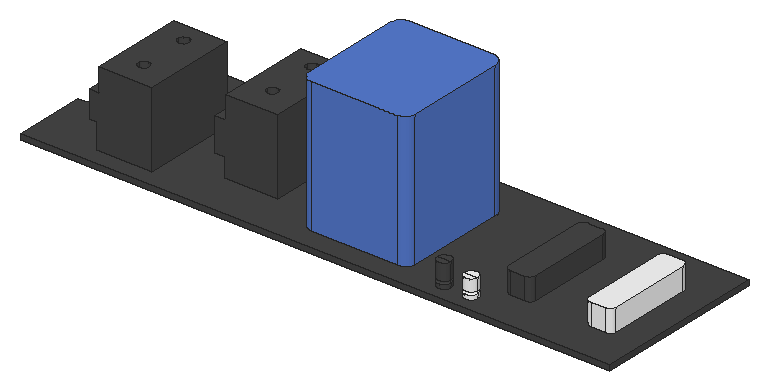
Revit family "3460A_NX_Relay", category Communication Devices, host Face, Revit 2014
Parameters
  Warranty = "5-Years Warranty"  # constant formula
  Type Comments = "NX Panel Relay"  # constant formula
  URL = ""
  Physical = "Mounts inside NXP series panel\r\nPre-drilled mounting hole for securing relay cards\r\nIndividual relay cards - 1P and 2P are equal in size"
  Operating environment = "Location: interior space\r\nOperating temperature: 0°- 50°C (32° - 112°F)\r\nRelative humidity (non-condensing): 10%-90%"
  Model = "NX Panel Relay"  # constant formula
  Manufacturer = "Hubbell Control Solutions"  # constant formula
  Inrush Withstand = "500A @ 20ms (NXR-3LEM Relay)"
  Features = "• Compatible with all model NXP panels\r\n• Relays are individually replaceable\r\n• Smart Relay Card self-identifies type automatically to panel\r\n• Each relay includes 1 programmable input for low voltage switches,\r\nphotocells, or motion sensors\r\n• Plug-in connector to panel motherboard and a single screw to secure it to\r\nthe panel enclosure\r\n• Manual override control button and LED status indication"
  Certification = "Certified to UL 916, UL 924 and cUL"
  Blue Element = Metal-Hubbell-Aluminum Anodized Blue
  Black Element = Metal-Hubbell-Nickel
  Description = "NX Panel Relay"  # constant formula
  Default Elevation = 48.00"
  Create Date = "10/15/2018"
  Copyright = "Copyright © 2018 Hubbell Control Solutions"  # constant formula
  Contact Us = "https://www.hubbell.com/hubbellcontrolsolutions/en/contactUs?productId=220947"
  Housing Material = Paint - Hubbell - Matte White
  Assembly Code = "D5090"
Reference planes (in)
  plane 1 "Center (Front/Back)": y = 11.68155
  plane 2: z = 0
  plane 3 "Center (Left/Right)": x = 0
  plane 4: z = 1.38
  plane 5: y = 12.49155
  plane 6: y = 10.87155
  plane 7: x = -2.75
  plane 8: x = 2.75
Forms (in)
  Extrusion 1, solid, material "Metal-Hubbell-Nickel" <- "Black Element"
    sketch origin (0, 0, 0) x (1, 0, 0) y (0, 1, 0)
      loop
        line (-2.75, 12.49155) -> (-2.75, 11.79636)
        arc (-2.75, 11.79636) -> (-2.57828, 11.67136) -> (-2.75, 11.54636) r 0.13135
        line (-2.75, 11.54636) -> (-2.75, 10.87155) -> (2.75, 10.87155) -> (2.75, 12.49155) -> (-2.75, 12.49155)
    from 0.05 to 0
  Extrusion 2, solid, material "Metal-Hubbell-Nickel" <- "Black Element"
    sketch origin (0, 11.68155, 0) x (1, 0, 0) y (0, 0, 1)
      loop
        line (-2.16344, 0.05) -> (-1.65009, 0.05) -> (-1.65009, 0.74723) -> (-2.14545, 0.74723) -> (-2.14545, 0.53769) -> (-2.23417, 0.53769) -> (-2.23417, 0.28769) -> (-2.16344, 0.28769) -> (-2.16344, 0.05)
    from 0.64805 to -0.22759
  Extrusion 3, solid, material "Metal-Hubbell-Nickel" <- "Black Element"
    sketch origin (0.96593, 11.94037, 0) x (1, 0, 0) y (0, 0, 1)
      loop
        line (-2.14349, 0.05) -> (-1.65009, 0.05) -> (-1.65009, 0.74723) -> (-2.13274, 0.74723) -> (-2.13274, 0.53769) -> (-2.23417, 0.53769) -> (-2.23417, 0.2263) -> (-2.14349, 0.2263) -> (-2.14349, 0.05)
    from 0.64805 to -0.22759
  Extrusion 4, solid, material "Metal-Hubbell-Aluminum Anodized Blue" <- "Blue Element"
    sketch origin (0, 0, 0) x (1, 0, 0) y (0, 1, 0)
      loop
        arc (-0.19684, 12.21648) -> (-0.26549, 12.18804) -> (-0.29393, 12.11939) r 0.09708
        line (-0.29393, 12.11939) -> (-0.29393, 11.17858)
        arc (-0.29393, 11.17858) -> (-0.26225, 11.10212) -> (-0.18579, 11.07044) r 0.10814
        line (-0.18579, 11.07044) -> (0.61667, 11.07044)
        arc (0.61667, 11.07044) -> (0.67989, 11.09663) -> (0.70607, 11.15985) r 0.08941
        line (0.70607, 11.15985) -> (0.70607, 12.09256)
        arc (0.70607, 12.09256) -> (0.66978, 12.18018) -> (0.58216, 12.21648) r 0.12391
        line (0.58216, 12.21648) -> (-0.19684, 12.21648)
    from 1.29685 to 0
  Extrusion 5, solid, material "Metal-Hubbell-Nickel" <- "Black Element"
    sketch origin (0, 0, 0) x (1, 0, 0) y (0, 1, 0)
      loop
        arc (1.54249, 12.14003) -> (1.49673, 12.12107) -> (1.47778, 12.07531) r 0.06472
        line (1.47778, 12.07531) -> (1.47778, 11.29784)
        arc (1.47778, 11.29784) -> (1.4967, 11.25216) -> (1.54238, 11.23324) r 0.06461
        line (1.54238, 11.23324) -> (1.67263, 11.23324)
        arc (1.67263, 11.23324) -> (1.71162, 11.24939) -> (1.72778, 11.28838) r 0.05514
        line (1.72778, 11.28838) -> (1.72778, 12.06964)
        arc (1.72778, 12.06964) -> (1.70716, 12.11941) -> (1.65739, 12.14003) r 0.07039
        line (1.65739, 12.14003) -> (1.54249, 12.14003)
    from 0.25 to 0
  Extrusion 6, solid, material "Paint - Hubbell - Matte White" <- "Housing Material"
    sketch origin (0.75, 0, 0) x (1, 0, 0) y (0, 1, 0)
      loop
        arc (1.54249, 12.14003) -> (1.49673, 12.12107) -> (1.47778, 12.07531) r 0.06472
        line (1.47778, 12.07531) -> (1.47778, 11.29784)
        arc (1.47778, 11.29784) -> (1.4967, 11.25216) -> (1.54238, 11.23324) r 0.06461
        line (1.54238, 11.23324) -> (1.67263, 11.23324)
        arc (1.67263, 11.23324) -> (1.71162, 11.24939) -> (1.72778, 11.28838) r 0.05514
        line (1.72778, 11.28838) -> (1.72778, 12.06964)
        arc (1.72778, 12.06964) -> (1.70716, 12.11941) -> (1.65739, 12.14003) r 0.07039
        line (1.65739, 12.14003) -> (1.54249, 12.14003)
    from 0.25 to 0
  Revolve 7, solid, material "Metal-Hubbell-Nickel" <- "Black Element"
    sketch origin (0, 11.04803, -0.03828) x (1, 0, 0) y (0, 0, 1)
      loop
        line (1.06807, 0.08828) -> (1.13142, 0.08828) -> (1.13142, 0.1223)
        arc (1.13142, 0.1223) -> (1.11836, 0.13871) -> (1.13142, 0.15512) r 0.01683
        line (1.13142, 0.15512) -> (1.13142, 0.30199) -> (1.06807, 0.30199) -> (1.06807, 0.08828)
      axis (1.06807, 0.30199) -> (1.06807, 0.08828)
    angle from 0 to 360
  Revolve 8, solid, material "Paint - Hubbell - Matte White" <- "Housing Material"
    sketch origin (0.25, 11.04803, -0.03828) x (1, 0, 0) y (0, 0, 1)
      loop
        line (1.06807, 0.08828) -> (1.13142, 0.08828) -> (1.13142, 0.1223)
        arc (1.13142, 0.1223) -> (1.11836, 0.13871) -> (1.13142, 0.15512) r 0.01683
        line (1.13142, 0.15512) -> (1.13142, 0.25723) -> (1.06807, 0.25723) -> (1.06807, 0.08828)
      axis (1.06807, 0.25723) -> (1.06807, 0.08828)
    angle from 0 to 360
  Extrusion 9, void
    sketch origin (0, 0, 0) x (1, 0, 0) y (0, 1, 0)
      loop
        circle (-1.90974, 11.72619) r 0.05245
      loop
        circle (-1.90974, 11.26489) r 0.05245
      loop
        circle (-0.936, 12.00879) r 0.05245
      loop
        circle (-0.936, 11.54749) r 0.05245
    from 0.74723 to 0.53769
Cuts and joins
  Extrusion 9 cuts Extrusion 1
  Extrusion 9 cuts Extrusion 2
  Extrusion 9 cuts Extrusion 3
Dimensions and locks (in)
  plane 4 to plane 2 = 1.38"
  aligned and locked: plane 2 to host face
  aligned and locked: level to host face
  aligned and locked: Extrusion 2 to Extrusion 1
  aligned and locked: Extrusion 3 to Extrusion 1
